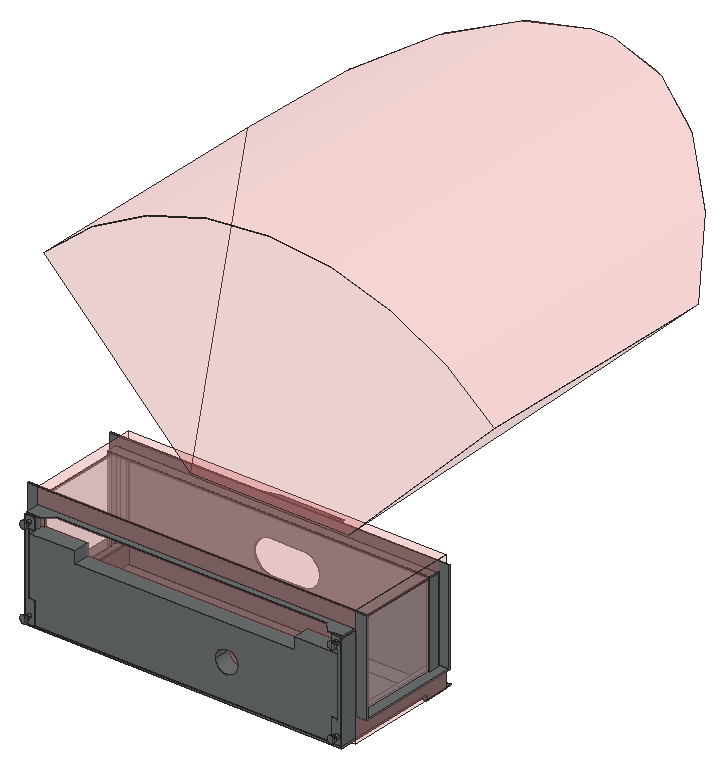
Revit family "HVAC-Fireplaces_Kalfire Fireplaces_e-one-130s-holographic-fireplace1", category Specialty Equipment, host Face, Revit 2021
Family settings
  Host = Face
  Round Connector Dimension = Use Diameter
  Part Type = Normal
  OmniClass Number = 23.19.17.00
  OmniClass Title = Fireplaces
  Cut with Voids When Loaded = No
  Shared = No
  Room Calculation Point = No
Parameters (values of type "E-one 130S Holographic Fireplace")
  Voltage = 230 V
  Void from Right side [instance] = 500 mm
  Void from Left side [instance] = 500 mm
  Version = 1  # constant formula
  Ventilation = "Ventilation must be provided at both the bottom and top of the housing."  # constant formula
  URL = "https://kalfire.com/"
  Type Comments = ""
  Product data url = "https://www.bimobject.com/kalfire-fireplaces/product/e-one-130s-holographic-fireplace"
  Product certification = "https://www.dropbox.com/scl/fi/ubgln5tkbsc4flved18tm/User-Manual-E-one-130-V09-2022-NL-FR-DE-EN.pdf?rlkey=3iwh2ldw1s9h1vrk2fgz0lbgo&dl=0"
  Product Page URL = "https://kalfire.com/e-one-130s-three-sided-holographic-fireplace"
  Product Material = Kalfire Fireplaces - Metal - Iron
  Product Documentation Link = "https://www.dropbox.com/scl/fi/ubgln5tkbsc4flved18tm/User-Manual-E-one-130-V09-2022-NL-FR-DE-EN.pdf?rlkey=3iwh2ldw1s9h1vrk2fgz0lbgo&dl=0"
  Power Factor = 0.8
  Number of Poles = 3
  Model = "E-one 130S Holographic Fireplace"  # constant formula
  Manufacturer = "Kalfire Fireplaces"  # constant formula
  Keynote = "15500"
  Installation instructions = "https://www.dropbox.com/scl/fi/4zfitlo59osefy2mz2rhh/Installation-Manual-E-one-130-NL-FR-DE-EN.pdf?rlkey=qt31vkvsf7ytloj1m889pafxo&dl=0"
  Glass Material = Kalfire Fireplaces - Glass - Glass
  Fire resistance of materials = "All materials must withstand a temperture of minimum 80 degrees."  # constant formula
  Distance from floor [instance] = 0 mm
  Description = "The Kalfire E-one 130S is an electric holographic fireplace with glass on the front, both sides and optional heating. The projection of 3D holographic flames on the handmade logs imitates true-to-life fire. Options such as the realistic glow bed, crackling sound and optional Atmos Heating ensure an optimal fire experience.\r\n\r\nA three-sided model is suitable as a see-through fireplace and takes your interior to the next level. Admire the holographic flames through the sides and be amazed by the realistic fire. At 130 cm wide, the E-one 130S is also perfectly used as a cinewall. Kalfire E-one holographic ambient fireplaces can be customised to suit personal preferences. Our exclusive and certified dealers are your helping hand in the installation and realisation of your dream design.\r\n\r\nAtmos Heating: atmosphere fire with heat\r\n\r\nThe E-one is available with an innovative heating element called Atmos Heating. This element is exclusively available for the built-in versions of the Kalfire E-one (all variants except the E-one 100F FR). The heating element provides a pleasant and continuous flow of warm air at a 45-degree angle. This heating ensures an optimal fire experience that is unique for electric fireplaces.\r\n\r\nCreate your own fire\r\n\r\nWe give you options to create your own fire. Among other things, personalise the intensity and height of the flames, shuffle through flame images, choose the sound and intensity of the glow bed. Save all these settings in the Kalfire Moods, so that from now on you can watch your own fire at the click of a button.\r\n\r\nThe height of the E-one 130S ranges from 597 to 728.4 mm, depending on whether the atmos heating system is added"  # constant formula
  Default Elevation = 1219.2 mm
  Date Updated = "-"  # constant formula
  Date Created = "2023/11/22"  # constant formula
  Consumption (incl. Atmos Heating) = 2 kW  # constant formula
  Consumption (excl. Atmos Heating) = 110 W  # constant formula
  Clearance information [instance] = "Furniture, curtains and other combustible materials must be placed at least one metre away from fireplace. Minimum of 2mm clearance around frame."  # constant formula
  Clearance [instance] = yes
  Atmos Heating [instance] = yes
  Assembly Code = "D3020.10"
  Area required = 1000.00 mm²  # constant formula
  Apparent Load [instance] = if(Atmos Heating, 2000 W, 110 W)  # 2000 W
Reference planes
  plane 1 "Center (Front/Back)": y = 0
  plane 2: z = 0
  plane 3 "Center (Left/Right)": x = 0
  plane 4: y = -316.238
  plane 5: y = -288
  plane 6: y = 253
  plane 7: y = -316.238
  plane 8: x = 655.5
  plane 9: x = -655.5
  plane 10: z = -492
  plane 11: x = -1200.062
  plane 12: x = -700.062
  plane 13: x = 700.063
  plane 14: x = 1200.063
Forms (mm)
  Sweep 1, solid, material "Kalfire Fireplaces - Metal - Iron" <- "Product Material", detail levels medium+fine
    path origin (0, 0, 0) x (0, 1, 0) y (0, 0, 1)
      loop
        line (0, 0) -> (0, -75)
    profile origin (0, 0, -37.5) x (1, 0, 0) y (0, 1, 0)
      loop
        line (-700.062, 214) -> (-700.062, 210) -> (654.024, 210) -> (654.024, 214) -> (-700.062, 214)
      loop
        line (654.024, -214) -> (654.024, -210) -> (-700.062, -210) -> (-700.062, -214) -> (654.024, -214)
  Extrusion 2, solid, material "Kalfire Fireplaces - Metal - Iron" <- "Product Material", detail levels medium+fine
    sketch origin (0, 0, 0) x (1, 0, 0) y (0, 1, 0)
      loop
        line (-655.5, -214) -> (-655.5, -279) -> (-595.5, -279) -> (-560.5, -244) -> (557.844, -244) -> (592.844, -279) -> (652.844, -279) -> (652.844, -214) -> (-655.5, -214)
    from -68.9 to -65
  Extrusion 3, solid, material "Kalfire Fireplaces - Metal - Iron" <- "Product Material", detail levels medium+fine
    sketch origin (0, 0, 0) x (1, 0, 0) y (0, 1, 0)
      loop
        line (-666, 194.503) -> (-666, 157) -> (666, 157) -> (666, 194.503) -> (-666, 194.503)
    from -31.75 to -35.75
  Extrusion 4, solid, material "Kalfire Fireplaces - Metal - Iron" <- "Product Material", detail levels medium+fine
    sketch origin (0, 0, 0) x (1, 0, 0) y (0, 0, 1)
      loop
        line (-655.5, -34.052) -> (-655.5, -491) -> (655.5, -491) -> (655.5, -34.052) -> (-655.5, -34.052)
      loop
        arc (-65, -185.6) -> (-135, -255.6) -> (-65, -325.6) r 70
        line (-65, -325.6) -> (65, -325.6)
        arc (65, -325.6) -> (135, -255.6) -> (65, -185.6) r 70
        line (65, -185.6) -> (-65, -185.6)
    from -253 to -249.416
  Extrusion 5, solid, material "Kalfire Fireplaces - Metal - Iron" <- "Product Material", detail levels medium+fine
    sketch origin (0, 0, 0) x (1, 0, 0) y (0, 0, 1)
      loop
        line (-614.5, -66.669) -> (-652.844, -66.669) -> (-652.844, -472.169) -> (-614.5, -472.169) -> (-614.5, -374.769) -> (-639.5, -374.769) -> (-639.5, -115.169) -> (-614.5, -115.169) -> (-614.5, -66.669)
      loop
        line (614.656, -67) -> (614.656, -115.5) -> (639.656, -115.5) -> (639.656, -375.1) -> (614.656, -375.1) -> (614.656, -472.5) -> (653, -472.5) -> (653, -67) -> (614.656, -67)
    from 286.5 to 288
  Extrusion 6, solid, material "Kalfire Fireplaces - Metal - Iron" <- "Product Material", detail levels medium+fine
    sketch origin (0, 0, 0) x (1, 0, 0) y (0, 0, 1)
      loop
        line (454, -186.4) -> (-454, -186.4) -> (-454, -139) -> (-639.5, -139) -> (-639.5, -472.169) -> (639.656, -472.169) -> (639.656, -139) -> (454, -139) -> (454, -186.4)
      loop
        circle (174.968, -328.104) r 46.706
    from 211.5 to 279
  Extrusion 7, solid, material "Kalfire Fireplaces - Metal - Iron" <- "Product Material", detail levels fine
    sketch origin (0, 0, 0) x (0, 1, 0) y (0, 0, 1)
      loop
        line (400.433, -120.369) -> (277.553, -49.424) -> (253, -40.488) -> (253, -89.698) -> (257.565, -92.334) -> (266.141, -140.969) -> (357.94, -193.969) -> (400.433, -120.369)
    from -149.3 to 113.3
  Revolve 8, solid, material "Kalfire Fireplaces - Metal - Iron" <- "Product Material", detail levels fine
    sketch origin (-636.547, 0, -14.843) x (0, 1, 0) y (0, 0, 1)
      loop
        line (-279, -423.939) -> (-279, -418.939) -> (-288, -418.939) -> (-288, -415.609) -> (-297.238, -415.609) -> (-297.238, -417.067) -> (-304.238, -417.067) -> (-312.672, -408.634) -> (-316.238, -408.634) -> (-316.238, -423.939) -> (-279, -423.939)
      axis (-279, -423.939) -> (-316.238, -423.939)
    angle from 0 to 360
  Revolve 9, solid, material "Kalfire Fireplaces - Metal - Iron" <- "Product Material", detail levels fine
    sketch origin (636.48, 0, -14.626) x (0, 1, 0) y (0, 0, -1)
      loop
        line (-279, 423.939) -> (-316.238, 423.939) -> (-316.238, 408.634) -> (-312.672, 408.634) -> (-304.238, 417.067) -> (-297.238, 417.067) -> (-297.238, 415.609) -> (-288, 415.609) -> (-288, 418.939) -> (-279, 418.939) -> (-279, 423.939)
      axis (-279, 423.939) -> (-316.238, 423.939)
    angle from 0 to 360
  Extrusion 10, solid, material "Kalfire Fireplaces - Glass - Glass" <- "Glass Material", detail levels medium+fine
    sketch origin (0, 0, 0) x (1, 0, 0) y (0, 1, 0)
      loop
        line (-655.5, 161.075) -> (-655.5, -210) -> (655.5, -210) -> (655.5, 161.075) -> (-655.5, 161.075)
    from -44 to -40
  Extrusion 11, solid, material "Kalfire Fireplaces - Clearance", visible <- "Clearance"
    sketch origin (0, 0, 0) x (1, 0, 0) y (0, 1, 0)
      loop
        line (-657.5, 255) -> (-657.5, -216.019) -> (657.5, -216.019) -> (657.5, 255) -> (-657.5, 255)
    from -494 to 2
  Extrusion 12, solid, material "Kalfire Fireplaces - Clearance", visible <- "Clearance"
    sketch origin (0, -35, 0) x (1, 0, 0) y (0, 0, 1)
      loop
        line (325.646, 0) -> (933.381, 607.735)
        arc (933.381, 607.735) -> (0, 994.354) -> (-933.381, 607.735) r 1320
        line (-933.381, 607.735) -> (-325.646, 0) -> (325.646, 0)
    from -1915.471 to -194.503
  Extrusion 13, void
    sketch origin (0, 0, 0) x (0, 1, 0) y (0, 0, 1)
      loop
        line (159.503, 0) -> (1880.471, 0) -> (1880.471, 993.601) -> (159.503, 0)
    from -1049.062 to 1036.992
  Extrusion 14, solid, material "Kalfire Fireplaces - Metal - Iron" <- "Product Material", detail levels coarse
    sketch origin (0, 0, 0) x (1, 0, 0) y (0, 0, 1)
      loop
        line (-656.2, -19) -> (-656.2, -490.5) -> (655.5, -490.5) -> (655.5, -19) -> (-656.2, -19)
    from -253 to 316.238
  Extrusion 15, solid, material "Kalfire Fireplaces - Metal - Iron" <- "Product Material", detail levels medium+fine
    sketch origin (-150, 0, 0) x (0, 1, 0) y (0, 0, -1)
      loop
        line (-214, 72.37) -> (-214, 389) -> (214, 389) -> (214, 35.75) -> (249.416, 35.75) -> (249.416, 489.4) -> (153.747, 489.4) -> (153.747, 472.169) -> (-288, 472.169) -> (-288, 72.37) -> (-214, 72.37)
    from 502.844 to 505.5
  Extrusion 16, solid, material "Kalfire Fireplaces - Metal - Iron" <- "Product Material", detail levels fine
    sketch origin (-150, 0, 0) x (0, 1, 0) y (0, 0, -1)
      loop
        line (280.5, 488.743) -> (280.5, 492) -> (253, 492) -> (253, 417) -> (254.5, 417) -> (254.5, 488.743) -> (280.5, 488.743)
    from 486.5 to 504
  Revolve 17, solid, material "Kalfire Fireplaces - Metal - Iron" <- "Product Material", detail levels fine
    sketch origin (-636.562, 0, 334.375) x (0, 1, 0) y (0, 0, 1)
      loop
        line (-279, -423.939) -> (-279, -418.939) -> (-288, -418.939) -> (-288, -415.609) -> (-297.238, -415.609) -> (-297.238, -417.067) -> (-304.238, -417.067) -> (-312.672, -408.634) -> (-316.238, -408.634) -> (-316.238, -423.939) -> (-279, -423.939)
      axis (-279, -423.939) -> (-316.238, -423.939)
    angle from 0 to 360
  Extrusion 18, solid, material "Kalfire Fireplaces - Metal - Iron" <- "Product Material", detail levels medium
    sketch origin (-150, 0, -15) x (1, 0, 0) y (0, 0, 1)
      loop
        circle (786.683, -74.305) r 15.305
      loop
        circle (786.683, -423.68) r 15.305
      loop
        circle (-486.562, -74.564) r 15.305
      loop
        circle (-486.562, -423.939) r 15.305
    from 279 to 316.238
  Extrusion 19, solid, material "Kalfire Fireplaces - Metal - Iron" <- "Product Material", detail levels medium+fine
    sketch origin (0, 0, -14.052) x (1, 0, 0) y (0, 1, 0)
      loop
        line (-655.5, 249.416) -> (-655.5, 214) -> (655.5, 214) -> (655.5, 249.416) -> (-655.5, 249.416)
    from -24.897 to -20
  Revolve 20, solid, material "Kalfire Fireplaces - Metal - Iron" <- "Product Material", detail levels fine
    sketch origin (636.563, 0, 334.375) x (0, 1, 0) y (0, 0, -1)
      loop
        line (-279, 423.939) -> (-316.238, 423.939) -> (-316.238, 408.634) -> (-312.672, 408.634) -> (-304.238, 417.067) -> (-297.238, 417.067) -> (-297.238, 415.609) -> (-288, 415.609) -> (-288, 418.939) -> (-279, 418.939) -> (-279, 423.939)
      axis (-279, 423.939) -> (-316.238, 423.939)
    angle from 0 to 360
  Extrusion 21, solid, material "Kalfire Fireplaces - Metal - Iron" <- "Product Material", detail levels medium+fine
    sketch origin (0, 0, -14.9) x (0, 1, 0) y (0, 0, 1)
      loop
        line (-288, -461) -> (152, -461) -> (152, -477.1) -> (253, -477.1) -> (253, -474.5) -> (153.747, -474.5) -> (153.747, -457.269) -> (-288, -457.269) -> (-288, -461)
    from -656.2 to 655.5
  Extrusion 22, solid, material "Kalfire Fireplaces - Metal - Iron" <- "Product Material", detail levels fine
    sketch origin (150, 0, 0) x (0, 1, 0) y (0, 0, 1)
      loop
        line (280.5, -488.743) -> (254.5, -488.743) -> (254.5, -417) -> (253, -417) -> (253, -492) -> (280.5, -492) -> (280.5, -488.743)
    from 486.5 to 504
  Extrusion 23, solid, material "Kalfire Fireplaces - Metal - Iron" <- "Product Material", detail levels medium+fine
    sketch origin (0, 0, 0) x (0, 1, 0) y (0, 0, 1)
      loop
        line (157, -36.4) -> (157, -383.021) -> (194.391, -383.021) -> (194.391, -36.4) -> (157, -36.4)
    from -666 to -660.2
  Extrusion 24, solid, material "Kalfire Fireplaces - Metal - Iron" <- "Product Material", detail levels medium+fine
    sketch origin (0, 0, 0) x (0, 1, 0) y (0, 0, 1)
      loop
        line (-210, -385) -> (-210, 0) -> (-214, 0) -> (-214, -389) -> (214, -389) -> (214, 0) -> (210, 0) -> (210, -385) -> (-210, -385)
    from -700.062 to -631.661
  Extrusion 25, solid, material "Kalfire Fireplaces - Glass - Glass" <- "Glass Material", detail levels medium+fine
    sketch origin (0, 0, 0) x (0, 1, 0) y (0, 0, 1)
      loop
        line (157, -45.17) -> (-210, -45.17) -> (-210, -385) -> (157, -385) -> (157, -45.17)
    from -660.2 to -652.844
  Extrusion 26, void
    sketch origin (0, 0, 0) x (0, 1, 0) y (0, 0, 1)
      loop
        line (216, 0) -> (-216.019, 0) -> (-216.019, -391) -> (216, -391) -> (216, 0)
    from -1200.063 to 1200.063
  Extrusion 27, void
    sketch origin (0, 0, 0) x (0, 1, 0) y (0, 0, 1)
      loop
        line (-216.019, -65) -> (-316.238, -65) -> (-316.238, -490.5) -> (-216.019, -490.5) -> (-216.019, -65)
      loop
        line (403.072, -31.75) -> (215.661, -31.75) -> (215.661, -490.5) -> (403.072, -490.5) -> (403.072, -31.75)
    from -655.5 to 655.5
  Extrusion 28, solid, material "Kalfire Fireplaces - Metal - Iron" <- "Product Material", detail levels medium+fine
    sketch origin (150, 0, 0) x (0, 1, 0) y (0, 0, 1)
      loop
        line (-214, -72.37) -> (-288, -72.37) -> (-288, -472.169) -> (153.747, -472.169) -> (153.747, -489.4) -> (249.416, -489.4) -> (249.416, -35.75) -> (214, -35.75) -> (214, -389) -> (-214, -389) -> (-214, -72.37)
    from 502.844 to 505.5
  Extrusion 29, solid, material "Kalfire Fireplaces - Metal - Iron" <- "Product Material", detail levels medium+fine
    sketch origin (0, 0, 0) x (0, 1, 0) y (0, 0, -1)
      loop
        line (157, 36.4) -> (194.391, 36.4) -> (194.391, 383.021) -> (157, 383.021) -> (157, 36.4)
    from -666 to -660.2
  Extrusion 30, solid, material "Kalfire Fireplaces - Metal - Iron" <- "Product Material", detail levels medium+fine
    sketch origin (0, 0, 0) x (0, 1, 0) y (0, 0, -1)
      loop
        line (-210, 385) -> (210, 385) -> (210, 0) -> (214, 0) -> (214, 389) -> (-214, 389) -> (-214, 0) -> (-210, 0) -> (-210, 385)
    from -700.062 to -631.661
  Extrusion 31, solid, material "Kalfire Fireplaces - Glass - Glass" <- "Glass Material", detail levels medium+fine
    sketch origin (0, 0, 0) x (0, 1, 0) y (0, 0, -1)
      loop
        line (157, 45.17) -> (157, 385) -> (-210, 385) -> (-210, 45.17) -> (157, 45.17)
    from -660.2 to -652.844
  Extrusion 32, solid, material "Kalfire Fireplaces - Metal - Iron" <- "Product Material", detail levels medium+fine
    sketch origin (0, 0, 0) x (1, 0, 0) y (0, 1, 0)
      loop
        line (-660.119, 190.441) -> (-659.025, 190.441) -> (-659.025, 210) -> (-660.119, 210) -> (-660.119, 190.441)
    from -389 to -38.228
  Extrusion 33, solid, material "Kalfire Fireplaces - Metal - Iron" <- "Product Material", detail levels medium+fine
    sketch origin (0, 0, 0) x (-1, 0, 0) y (0, -1, 0)
      loop
        line (-660.119, -190.441) -> (-660.119, -210) -> (-659.025, -210) -> (-659.025, -190.441) -> (-660.119, -190.441)
    from -389 to -38.228
Cuts and joins
  joined: Revolve 8, Revolve 9
  Extrusion 13 cuts Extrusion 12
  joined: Sweep 1, Extrusion 2, Extrusion 4, Extrusion 15, Extrusion 19, Extrusion 24, Extrusion 28, Extrusion 30, Extrusion 32, Extrusion 33
Lines and regions (mm)
  Masking region 1, detail levels medium+fine
    outline origin (0, 0, 0) x (1, 0, 0) y (0, 0, 1)
      loop
        line (-655.5, -492) -> (655.5, -492) -> (655.5, -389) -> (700.062, -389) -> (700.063, 0) -> (-700.062, 0) -> (-700.062, -389) -> (-655.5, -389) -> (-655.5, -492)
  Masking region 2, detail levels coarse
    outline origin (0, 0, 0) x (1, 0, 0) y (0, 0, 1)
      loop
        line (700.063, 0) -> (-700.062, 0) -> (-700.062, -492) -> (700.063, -492) -> (700.063, 0)
  Masking region 3, detail levels medium+fine
    outline origin (0, 0, 0) x (1, 0, 0) y (0, 1, 0)
      loop
        line (-655.5, 253) -> (-655.5, 214) -> (-700.062, 214) -> (-700.062, -214) -> (-656.2, -214) -> (-656.2, -288) -> (656.2, -288) -> (656.2, -214) -> (700.063, -214) -> (700.063, 214) -> (655.5, 214) -> (655.5, 253) -> (-655.5, 253)
  Masking region 4, detail levels fine
    outline origin (0, 0, 0) x (1, 0, 0) y (0, 1, 0)
      loop
        line (-149.1, 400.433) -> (-149.1, 253) -> (113.5, 253) -> (113.5, 400.433) -> (-149.1, 400.433)
      loop
        line (-654, 280.5) -> (-654, 253) -> (-636.577, 253) -> (-636.577, 280.5) -> (-654, 280.5)
      loop
        line (-651.868, -316.238) -> (-621.257, -316.238) -> (-621.257, -312.672) -> (-629.691, -304.238) -> (-629.691, -297.238) -> (-628.232, -297.238) -> (-628.232, -288) -> (-644.893, -288) -> (-644.893, -297.238) -> (-643.434, -297.238) -> (-643.434, -304.238) -> (-651.868, -312.672) -> (-651.868, -316.238)
      loop
        line (636.5, 280.5) -> (636.5, 253) -> (653.816, 253) -> (653.816, 280.5) -> (636.5, 280.5)
      loop
        line (651.868, -316.238) -> (651.868, -312.672) -> (643.434, -304.238) -> (643.434, -297.238) -> (644.893, -297.238) -> (644.893, -288) -> (628.232, -288) -> (628.232, -297.238) -> (629.691, -297.238) -> (629.691, -304.238) -> (621.257, -312.672) -> (621.257, -316.238) -> (651.868, -316.238)
  Masking region 5, detail levels coarse
    outline origin (0, 0, 0) x (1, 0, 0) y (0, 1, 0)
      loop
        line (-700.062, 253) -> (-700.062, -316.238) -> (700.063, -316.238) -> (700.063, 253) -> (-700.062, 253)
  Masking region 6, detail levels medium+fine
    outline origin (0, 0, 0) x (0, 1, 0) y (0, 0, 1)
      loop
        line (214, 0) -> (-214, 0) -> (-214, -65) -> (-279, -65) -> (-279, -68.936) -> (-288, -68.936) -> (-288, -475.857) -> (152, -475.857) -> (152, -492) -> (253, -492) -> (253, -33.976) -> (214, -33.976) -> (214, 0)
  Masking region 7, detail levels fine
    outline origin (0, 0, 0) x (0, 1, 0) y (0, 0, 1)
      loop
        line (357.94, -193.969) -> (400.433, -120.369) -> (277.553, -49.424) -> (253, -40.488) -> (253, -89.698) -> (257.565, -92.334) -> (266.141, -140.969) -> (357.94, -193.969)
      loop
        line (-316.238, -74) -> (-316.238, -104.61) -> (-312.672, -104.61) -> (-304.238, -96.177) -> (-297.238, -96.177) -> (-297.238, -97.636) -> (-288, -97.636) -> (-288, -80.975) -> (-297.238, -80.975) -> (-297.238, -82.433) -> (-304.238, -82.433) -> (-312.672, -74) -> (-316.238, -74)
      loop
        line (-316.238, -423.26) -> (-316.238, -453.87) -> (-312.672, -453.87) -> (-304.238, -445.437) -> (-297.238, -445.437) -> (-297.238, -446.895) -> (-288, -446.895) -> (-288, -430.235) -> (-297.238, -430.235) -> (-297.238, -431.693) -> (-304.238, -431.693) -> (-312.672, -423.26) -> (-316.238, -423.26)
      loop
        line (280.5, -488.743) -> (254.5, -488.743) -> (254.5, -417) -> (253, -417) -> (253, -492) -> (280.5, -492) -> (280.5, -488.743)
  Masking region 8, detail levels medium
    outline origin (0, 0, 0) x (0, 1, 0) y (0, 0, 1)
      loop
        line (-288, -74.52) -> (-316.238, -74.52) -> (-316.238, -105.019) -> (-288, -105.019) -> (-288, -74.52)
      loop
        line (-288, -422.874) -> (-316.238, -422.874) -> (-316.238, -453.467) -> (-288, -453.467) -> (-288, -422.874)
  Masking region 9, detail levels coarse
    outline origin (0, 0, 0) x (0, 1, 0) y (0, 0, 1)
      loop
        line (253, 0) -> (-316.238, 0) -> (-316.238, -492) -> (253, -492) -> (253, 0)
  Masking region 10, detail levels fine
    outline origin (0, 0, 0) x (1, 0, 0) y (0, 0, 1)
      loop
        line (113.5, -40.488) -> (-149.1, -40.488) -> (-149.1, -193.969) -> (113.5, -193.969) -> (113.5, -40.488)
      loop
        line (654, -417) -> (636.5, -417) -> (636.5, -492) -> (654, -492) -> (654, -417)
      loop
        line (-636.5, -417) -> (-654, -417) -> (-654, -492) -> (-636.5, -492) -> (-636.5, -417)
  Masking region 11, detail levels medium
    outline origin (-150, 0, 0) x (1, 0, 0) y (0, 1, 0)
      loop
        line (-502.065, -288) -> (-502.065, -316.238) -> (-471.257, -316.238) -> (-471.257, -288) -> (-502.065, -288)
      loop
        line (771.025, -288) -> (771.025, -316.238) -> (801.868, -316.238) -> (801.868, -288) -> (771.025, -288)
  symbolic lines, style "Clearance", visible <- "Clearance"
    curve 1: arc (933.381, 0, 607.735) -> (0, 0, 994.354) -> (-933.381, 0, 607.735) r 1320
    curve 2: line (-933.381, 0, 607.735) -> (-325.646, 0, 0)
    curve 3: line (325.646, 0, 0) -> (933.381, 0, 607.735)
    curve 4: line (657.5, 0, 2) -> (-657.5, 0, 2)
    curve 5: line (-657.5, 0, 2) -> (-657.5, 0, -494)
    curve 6: line (657.5, 0, -494) -> (657.5, 0, 2)
    curve 7: line (-657.5, 0, -494) -> (657.5, 0, -494)
    curve 22: line (-44.586, 1880.471, 0) -> (-933.381, 1212.132, 0)
    curve 23: line (933.381, 1212.132, 0) -> (44.586, 1880.471, 0)
    curve 24: line (-933.381, 1212.132, 0) -> (-933.381, 159.503, 0)
    curve 25: line (-933.381, 159.503, 0) -> (933.381, 159.503, 0)
    curve 26: line (933.381, 159.503, 0) -> (933.381, 1212.132, 0)
    curve 27: line (657.5, 255, 0) -> (-657.5, 255, 0)
    curve 28: line (-657.5, -216.019, 0) -> (657.5, -216.019, 0)
    curve 30: line (0, 1880.471, 993.601) -> (0, 159.503, 0)
    curve 31: line (0, 159.503, 993.601) -> (0, 159.503, 0)
    curve 32: line (0, 1880.471, 993.601) -> (0, 159.503, 993.601)
    curve 33: line (0, 253, 2) -> (0, -216, 2)
    curve 34: line (0, -214, -479) -> (0, 253, -479)
    curve 35: line (44.586, 1880.471, 0) -> (-44.586, 1880.471, 0)
    curve 36: line (-933.381, 1212.132, 0) -> (-325.646, 159.503, 0)
    curve 37: line (933.381, 1212.132, 0) -> (324.2, 157, 0)
    curve 38: line (0, -216, 2) -> (0, -216, -479)
    curve 39: line (0, 255, -479) -> (0, 255, 2)
    curve 40: line (657.5, -216.019, 0) -> (657.5, 255, 0)
    curve 41: line (-657.5, 255, 0) -> (-657.5, -216.019, 0)
  symbolic lines, detail levels medium+fine
    curve 8: arc (65, 0, -185.6) -> (135, 0, -255.6) -> (65, 0, -325.6) r 70
    curve 9: line (65, 0, -325.6) -> (-65, 0, -325.6)
    curve 10: arc (-65, 0, -325.6) -> (-135, 0, -255.6) -> (-65, 0, -185.6) r 70
    curve 11: line (-65, 0, -185.6) -> (65, 0, -185.6)
    curve 14: line (655.5, -278.983, 0) -> (-655.5, -278.983, 0)
    curve 15: line (-560.493, -243.993, 0) -> (557.836, -243.993, 0)
    curve 16: line (557.836, -243.993, 0) -> (592.827, -278.983, 0)
    curve 17: line (-560.493, -243.993, 0) -> (-595.483, -278.983, 0)
    curve 18: line (-665, 194.503, 0) -> (665, 194.503, 0)
    curve 19: line (-665, 157, 0) -> (665, 157, 0)
    curve 29: line (0, -214, -55) -> (0, -214, -49.9)
    curve 42: line (-700.062, 214, 0) -> (655.5, 214, 0)
    curve 43: line (657.5, -214, 0) -> (-655.5, -214, 0)
    curve 44: line (-700.062, -210, 0) -> (700.063, -210, 0)
    curve 45: line (700.063, 210, 0) -> (-700.062, 210, 0)
    curve 46: line (-665, 194.503, 0) -> (-665, 157, 0)
    curve 47: line (-660.2, 157, 0) -> (-660.2, -210, 0)
    curve 48: line (-656.2, -288, 0) -> (655.5, -288, 0)
    curve 49: line (-656.2, 194.503, 0) -> (-656.2, 210, 0)
    curve 50: line (-655.5, 0, -34.052) -> (-655.5, 0, -385)
    curve 51: line (-655.5, 0, -34.052) -> (657.5, 0, -34.052)
    curve 52: line (0, 210, 0) -> (0, 210, -385)
    curve 53: line (0, 214, -389) -> (0, 214, 0)
    curve 54: line (0, -214, -389) -> (0, 214, -389)
    curve 55: line (0, 210, -385) -> (0, -210, -385)
    curve 56: line (0, -214, 0) -> (0, -214, -389)
    curve 57: line (0, -210, 0) -> (0, -210, -385)
    curve 58: line (0, 194.503, -31.75) -> (0, 157, -31.75)
    curve 59: line (0, 194.503, -383.021) -> (0, 194.503, -31.75)
    curve 60: line (0, 157, -383.021) -> (0, 194.503, -383.021)
    curve 61: line (0, 157, -31.75) -> (0, 157, -383.021)
    curve 62: line (0, 157, -40.229) -> (0, -210, -40.229)
    curve 63: line (0, 157, -43.876) -> (0, 157, -40.229)
    curve 64: line (0, -210, -40.229) -> (0, -210, -43.876)
    curve 65: line (0, 194.503, -75.229) -> (0, 210, -75.229)
    curve 66: line (665, 194.503, 0) -> (665, 157, 0)
    curve 67: line (660.2, 157, 0) -> (660.2, -210, 0)
    curve 68: line (656.2, 194.503, 0) -> (656.2, 210, 0)
    curve 69: line (655.5, 0, -34.052) -> (655.5, 0, -389)
  symbolic lines, detail levels fine
    curve 12: line (113.5, 0, -120.369) -> (-149.1, 0, -120.369)
    curve 13: line (113.5, 0, -49.424) -> (-149.1, 0, -49.424)
    curve 20: line (-149.1, 357.94, 0) -> (113.5, 357.94, 0)
    curve 21: line (113.5, 277.553, 0) -> (-149.1, 277.553, 0)
Dimensions and locks
  "Distance from floor": plane 4 to plane 7
  "Void from Left side": plane 11 to plane 12
  "Void from Right side": plane 13 to plane 14
  aligned and locked: plane 2 to host face
  aligned and locked: level to host face
  aligned and locked: plane 11 to Extrusion 26
  aligned and locked: Extrusion 26 to plane 14
Automatic sketch dimensions
  curve 42 to plane 12 = 0 mm
  curve 45 to plane 12 = 0 mm
  curve 44 to plane 12 = 0 mm
  curve 48 to plane 5 = 0 mm
  curve 43 to plane 9 = 0 mm
  curve 14 to plane 9 = 0 mm
  curve 14 to plane 8 = 0 mm
  curve 48 to plane 8 = 0 mm
  curve 42 to plane 8 = 0 mm
  curve 44 to plane 13 = 0 mm
  curve 45 to plane 13 = 0 mm
  plane 12 to curve 24 = 233.318 mm
  curve 46 to plane 9 = 9.5 mm
  curve 41 to plane 9 = 2 mm
  curve 15 to plane 5 = 44.007 mm
  plane 9 to curve 15 = 95.007 mm
  curve 22 to plane 3 "Center (Left/Right)" = 44.586 mm
  plane 3 "Center (Left/Right)" to curve 23 = 44.586 mm
  curve 16 to plane 8 = 97.664 mm
  plane 8 to curve 40 = 2 mm
  plane 8 to curve 66 = 9.5 mm
  curve 26 to plane 6 = 93.497 mm
  curve 26 to plane 13 = 233.318 mm
  curve 28 to plane 5 = 71.981 mm
  curve 66 to plane 6 = 96 mm
  curve 19 to curve 18 = 37.503 mm
  plane 6 to curve 41 = 2 mm
  plane 6 to curve 37 = 959.132 mm
  plane 6 to curve 22 = 959.132 mm
  curve 23 to curve 23 = 668.339 mm
  curve 47 to plane 9 = 4.7 mm
  curve 49 to plane 9 = 0.7 mm
  curve 48 to plane 9 = 0.7 mm
  curve 17 to plane 5 = 9.017 mm
  curve 17 to curve 15 = 34.991 mm
  curve 36 to plane 3 "Center (Left/Right)" = 325.646 mm
  plane 6 to curve 21 = 24.553 mm
  curve 21 to plane 3 "Center (Left/Right)" = 149.1 mm
  curve 20 to curve 21 = 0 mm
  plane 3 "Center (Left/Right)" to curve 20 = 113.5 mm
  curve 21 to curve 20 = 0 mm
  curve 21 to curve 37 = 210.7 mm
  curve 15 to curve 16 = 34.991 mm
  plane 8 to curve 68 = 0.7 mm
  plane 8 to curve 67 = 4.7 mm
  curve 28 to curve 43 = 2.019 mm
  curve 43 to curve 67 = 4 mm
  curve 18 to curve 45 = 15.497 mm
  curve 45 to curve 42 = 4 mm
  curve 21 to curve 20 = 80.387 mm
  curve 56 to level = 0 mm
  curve 57 to level = 0 mm
  curve 31 to level = 0 mm
  curve 52 to level = 0 mm
  curve 53 to level = 0 mm
  curve 33 to plane 6 = 0 mm
  curve 34 to plane 6 = 0 mm
  curve 54 to plane 6 = 39 mm
  curve 55 to curve 53 = 4 mm
  curve 59 to curve 52 = 15.497 mm
  curve 30 to curve 58 = 35 mm
  curve 61 to curve 30 = 2.503 mm
  curve 63 to curve 58 = 0 mm
  curve 62 to plane 5 = 78 mm
  curve 55 to plane 5 = 78 mm
  curve 54 to curve 55 = 4 mm  (x2)
  curve 38 to curve 56 = 2 mm
  plane 6 to curve 30 = 1627.471 mm
  curve 58 to level = 31.75 mm
  curve 64 to curve 57 = 40.229 mm
  plane 10 to curve 59 = 108.979 mm
  curve 55 to curve 59 = 1.979 mm
  level to curve 38 = 2 mm
  curve 30 to curve 32 = 993.601 mm
  curve 29 to curve 64 = 4 mm
  curve 38 to curve 34 = 2 mm
  curve 33 to curve 39 = 2 mm
  curve 64 to curve 62 = 3.648 mm
  curve 63 to curve 62 = 3.648 mm
  curve 29 to curve 64 = 6.024 mm
  curve 29 to curve 29 = 5.1 mm
  curve 65 to curve 58 = 43.479 mm
  plane 10 to curve 39 = 13 mm
  plane 10 to curve 38 = 13 mm
  curve 38 to curve 34 = 0 mm
  level to curve 39 = 2 mm
  curve 50 to plane 9 = 0 mm
  curve 2 to level = 0 mm
  curve 1 to plane 3 "Center (Left/Right)" = 0 mm
  curve 3 to level = 0 mm
  curve 69 to plane 8 = 0 mm
  curve 5 to plane 9 = 2 mm
  plane 12 to curve 2 = 233.318 mm
  curve 11 to plane 3 "Center (Left/Right)" = 65 mm
  plane 3 "Center (Left/Right)" to curve 8 = 65 mm
  plane 8 to curve 7 = 2 mm
  curve 3 to plane 13 = 233.318 mm
  curve 50 to level = 34.052 mm
  curve 11 to level = 185.6 mm
  curve 8 to curve 8 = 70 mm
  curve 1 to curve 10 = 0.046 mm
  curve 7 to plane 10 = 2 mm
  level to curve 5 = 2 mm
  level to curve 2 = 607.735 mm
  curve 2 to curve 10 = 260.646 mm
  curve 13 to level = 49.424 mm
  curve 13 to plane 3 "Center (Left/Right)" = 149.1 mm
  curve 13 to curve 12 = 0 mm  (x2)
  curve 11 to curve 12 = 48.5 mm
  curve 13 to curve 3 = 212.146 mm
  curve 69 to curve 51 = 0 mm
  curve 12 to curve 13 = 70.945 mm
  plane 10 to curve 50 = 107 mm
  plane 10 to curve 69 = 103 mm
  host sketch curve to host sketch curve = 2682.961 mm
  host sketch curve to host sketch curve = 944.648 mm
  Sweep 1 sketch curve to plane 1 "Center (Front/Back)" = 0 mm
  Sweep 1 sketch curve to level = 0 mm
  Sweep 1 sketch curve to level = 75 mm
  Sweep 1 sketch curve to profile plane = 214 mm
  Sweep 1 sketch curve to plane 3 "Center (Left/Right)" = 700.062 mm
  profile plane to Sweep 1 sketch curve = 210 mm
  Sweep 1 sketch curve to Sweep 1 sketch curve = 0 mm  (x2)
  Sweep 1 sketch curve to profile plane = 210 mm
  plane 3 "Center (Left/Right)" to Sweep 1 sketch curve = 654.024 mm
  Sweep 1 sketch curve to Sweep 1 sketch curve = 4 mm
  Extrusion 2 sketch curve to plane 9 = 0 mm
  Extrusion 2 sketch curve to plane 5 = 9 mm  (x2)
  Extrusion 2 sketch curve to Extrusion 2 sketch curve = 60 mm
  Extrusion 2 sketch curve to plane 5 = 44 mm
  Extrusion 2 sketch curve to Extrusion 2 sketch curve = 35 mm  (x2)
  Extrusion 2 sketch curve to plane 8 = 97.656 mm
  Extrusion 2 sketch curve to plane 8 = 2.656 mm
  Extrusion 2 sketch curve to Extrusion 2 sketch curve = 65 mm
  Extrusion 3 sketch curve to plane 9 = 10.5 mm
  plane 8 to Extrusion 3 sketch curve = 10.5 mm
  Extrusion 3 sketch curve to plane 6 = 96 mm
  Extrusion 3 sketch curve to Extrusion 3 sketch curve = 37.503 mm
  Extrusion 4 sketch curve to plane 9 = 0 mm
  Extrusion 4 sketch curve to plane 8 = 0 mm
  Extrusion 4 sketch curve to plane 3 "Center (Left/Right)" = 65 mm
  plane 3 "Center (Left/Right)" to Extrusion 4 sketch curve = 65 mm
  plane 10 to Extrusion 4 sketch curve = 1 mm
  plane 10 to Extrusion 4 sketch curve = 166.4 mm
  Extrusion 4 sketch curve to Extrusion 4 sketch curve = 70 mm
  Extrusion 4 sketch curve to level = 34.052 mm
  plane 9 to Extrusion 5 sketch curve = 2.656 mm
  plane 9 to Extrusion 5 sketch curve = 16 mm
  Extrusion 5 sketch curve to Extrusion 5 sketch curve = 38.344 mm  (x2)
  Extrusion 5 sketch curve to plane 8 = 40.844 mm  (x2)
  Extrusion 5 sketch curve to plane 8 = 15.844 mm
  Extrusion 5 sketch curve to plane 8 = 2.5 mm
  plane 10 to Extrusion 5 sketch curve = 19.5 mm
  plane 10 to Extrusion 5 sketch curve = 19.831 mm
  Extrusion 5 sketch curve to Extrusion 5 sketch curve = 97.4 mm  (x2)
  Extrusion 5 sketch curve to level = 115.5 mm
  Extrusion 5 sketch curve to level = 115.169 mm
  Extrusion 5 sketch curve to Extrusion 5 sketch curve = 48.5 mm  (x2)
  plane 9 to Extrusion 6 sketch curve = 16 mm
  Extrusion 6 sketch curve to Extrusion 6 sketch curve = 185.5 mm
  plane 3 "Center (Left/Right)" to Extrusion 6 sketch curve = 174.968 mm
  Extrusion 6 sketch curve to plane 8 = 201.5 mm
  Extrusion 6 sketch curve to plane 8 = 15.844 mm
  plane 10 to Extrusion 6 sketch curve = 19.831 mm
  plane 10 to Extrusion 6 sketch curve = 163.896 mm
  Extrusion 6 sketch curve to level = 186.4 mm
  Extrusion 6 sketch curve to Extrusion 6 sketch curve = 47.4 mm  (x2)
  Extrusion 7 sketch curve to plane 6 = 0 mm
  plane 6 to Extrusion 7 sketch curve = 4.565 mm
  plane 6 to Extrusion 7 sketch curve = 13.141 mm
  plane 6 to Extrusion 7 sketch curve = 24.553 mm
  plane 6 to Extrusion 7 sketch curve = 104.94 mm
  Extrusion 7 sketch curve to Extrusion 7 sketch curve = 42.493 mm
  Extrusion 7 sketch curve to level = 193.969 mm
  Extrusion 7 sketch curve to Extrusion 7 sketch curve = 53 mm
  Extrusion 7 sketch curve to Extrusion 7 sketch curve = 42.91 mm
  Extrusion 7 sketch curve to Extrusion 7 sketch curve = 2.636 mm
  Extrusion 7 sketch curve to Extrusion 7 sketch curve = 8.936 mm
  Revolve 8 sketch curve to plane 4 = 0 mm
  Revolve 8 sketch curve to plane 5 = 0 mm
  Revolve 8 sketch curve to Revolve 8 sketch curve = 3.567 mm
  Revolve 8 sketch curve to Revolve 8 sketch curve = 8.433 mm  (x2)
  Revolve 8 sketch curve to Revolve 8 sketch curve = 7 mm
  Revolve 8 sketch curve to plane 5 = 9 mm
  plane 10 to Revolve 8 sketch curve = 53.218 mm
  Revolve 8 sketch curve to Revolve 8 sketch curve = 5 mm
  Revolve 8 sketch curve to Revolve 8 sketch curve = 1.872 mm
  Revolve 8 sketch curve to Revolve 8 sketch curve = 1.459 mm
  Revolve 8 sketch curve to plane 4 = 16.86 mm
  Revolve 8 sketch curve to Revolve 8 sketch curve = 0 mm  (x2)
  Revolve 9 sketch curve to plane 4 = 0 mm
  Revolve 9 sketch curve to plane 5 = 0 mm
  Revolve 9 sketch curve to Revolve 9 sketch curve = 3.567 mm
  Revolve 9 sketch curve to Revolve 9 sketch curve = 8.433 mm
  Revolve 9 sketch curve to Revolve 9 sketch curve = 7 mm
  Revolve 9 sketch curve to plane 5 = 9 mm
  plane 10 to Revolve 9 sketch curve = 68.74 mm
  Revolve 9 sketch curve to Revolve 9 sketch curve = 6.975 mm
  Revolve 9 sketch curve to Revolve 9 sketch curve = 1.459 mm
  Revolve 9 sketch curve to Revolve 9 sketch curve = 3.33 mm
  Revolve 9 sketch curve to Revolve 9 sketch curve = 5 mm
  Revolve 9 sketch curve to plane 4 = 16.86 mm
  Revolve 9 sketch curve to Revolve 9 sketch curve = 0 mm  (x2)
  Extrusion 10 sketch curve to plane 9 = 0 mm
  Extrusion 10 sketch curve to plane 8 = 0 mm
  Extrusion 10 sketch curve to plane 5 = 78 mm
  Extrusion 10 sketch curve to plane 6 = 91.925 mm
  Extrusion 11 sketch curve to plane 9 = 2 mm
  plane 8 to Extrusion 11 sketch curve = 2 mm
  Extrusion 11 sketch curve to plane 5 = 71.981 mm
  plane 6 to Extrusion 11 sketch curve = 2 mm
  Extrusion 12 sketch curve to level = 0 mm
  Extrusion 12 sketch curve to plane 3 "Center (Left/Right)" = 0 mm
  Extrusion 12 sketch curve to plane 3 "Center (Left/Right)" = 325.646 mm
  plane 12 to Extrusion 12 sketch curve = 233.318 mm
  plane 3 "Center (Left/Right)" to Extrusion 12 sketch curve = 325.646 mm
  Extrusion 12 sketch curve to plane 13 = 233.318 mm
  plane 10 to Extrusion 12 sketch curve = 166.354 mm
  level to Extrusion 12 sketch curve = 607.735 mm
  Extrusion 13 sketch curve to level = 0 mm
  Extrusion 13 sketch curve to plane 6 = 93.497 mm
  plane 6 to Extrusion 13 sketch curve = 1627.471 mm
  level to Extrusion 13 sketch curve = 993.601 mm
  plane 12 to Masking region 1 sketch curve = 0 mm
  Masking region 1 sketch curve to plane 9 = 0 mm
  Masking region 1 sketch curve to plane 8 = 0 mm
  plane 13 to Masking region 1 sketch curve = 0 mm
  Masking region 1 sketch curve to plane 10 = 0 mm
  Masking region 1 sketch curve to level = 0 mm
  plane 10 to Masking region 1 sketch curve = 103 mm
  Masking region 1 sketch curve to Masking region 1 sketch curve = 103 mm
  Masking region 2 sketch curve to level = 0 mm
  plane 12 to Masking region 2 sketch curve = 0 mm
  Masking region 2 sketch curve to plane 10 = 0 mm
  plane 13 to Masking region 2 sketch curve = 0 mm
  Extrusion 14 sketch curve to plane 8 = 0 mm
  Extrusion 14 sketch curve to plane 9 = 0.7 mm
  plane 10 to Extrusion 14 sketch curve = 1.5 mm
  Extrusion 14 sketch curve to level = 19 mm
  Masking region 3 sketch curve to plane 12 = 0 mm
  Masking region 3 sketch curve to plane 5 = 0 mm
  Masking region 3 sketch curve to plane 6 = 0 mm
  Masking region 3 sketch curve to plane 9 = 0 mm
  Masking region 3 sketch curve to plane 8 = 0 mm
  Masking region 3 sketch curve to plane 13 = 0 mm
  Masking region 3 sketch curve to plane 9 = 0.7 mm
  plane 8 to Masking region 3 sketch curve = 0.7 mm
  Masking region 3 sketch curve to plane 5 = 74 mm  (x2)
  Masking region 3 sketch curve to plane 6 = 39 mm
  Masking region 3 sketch curve to Masking region 3 sketch curve = 39 mm
  Masking region 4 sketch curve to plane 6 = 0 mm  (x3)
  Masking region 4 sketch curve to plane 4 = 0 mm  (x2)
  Masking region 4 sketch curve to plane 5 = 0 mm
  plane 5 to Masking region 4 sketch curve = 0 mm
  plane 9 to Masking region 4 sketch curve = 1.5 mm
  plane 9 to Masking region 4 sketch curve = 3.632 mm
  plane 9 to Masking region 4 sketch curve = 10.607 mm
  Masking region 4 sketch curve to Masking region 4 sketch curve = 1.459 mm  (x4)
  Masking region 4 sketch curve to Masking region 4 sketch curve = 17.423 mm
  Masking region 4 sketch curve to Masking region 4 sketch curve = 13.744 mm
  Masking region 4 sketch curve to Masking region 4 sketch curve = 8.433 mm  (x5)
  Masking region 4 sketch curve to plane 3 "Center (Left/Right)" = 149.1 mm
  plane 3 "Center (Left/Right)" to Masking region 4 sketch curve = 113.5 mm
  plane 4 to Masking region 4 sketch curve = 3.567 mm  (x3)
  Masking region 4 sketch curve to plane 8 = 34.243 mm
  Masking region 4 sketch curve to Masking region 4 sketch curve = 6.975 mm
  Masking region 4 sketch curve to plane 8 = 19 mm
  Masking region 4 sketch curve to plane 8 = 12.066 mm
  Masking region 4 sketch curve to plane 8 = 3.632 mm
  Masking region 4 sketch curve to plane 8 = 1.684 mm
  Masking region 4 sketch curve to Masking region 4 sketch curve = 3.567 mm
  Masking region 4 sketch curve to Masking region 4 sketch curve = 7 mm  (x4)
  plane 6 to Masking region 4 sketch curve = 27.5 mm
  Masking region 4 sketch curve to Masking region 4 sketch curve = 27.5 mm
  plane 6 to Masking region 4 sketch curve = 147.433 mm
  Masking region 5 sketch curve to plane 4 = 0 mm
  Masking region 5 sketch curve to plane 12 = 0 mm
  Masking region 5 sketch curve to plane 13 = 0 mm
  Masking region 5 sketch curve to plane 6 = 0 mm
  Masking region 6 sketch curve to plane 5 = 0 mm
  Masking region 6 sketch curve to level = 0 mm
  Masking region 6 sketch curve to plane 10 = 0 mm
  Masking region 6 sketch curve to plane 6 = 0 mm
  Masking region 6 sketch curve to plane 5 = 9 mm
  Masking region 6 sketch curve to Masking region 6 sketch curve = 65 mm
  plane 10 to Masking region 6 sketch curve = 16.143 mm
  Masking region 6 sketch curve to plane 6 = 101 mm
  Masking region 6 sketch curve to Masking region 6 sketch curve = 39 mm
  Masking region 6 sketch curve to level = 68.936 mm
  Masking region 6 sketch curve to Masking region 6 sketch curve = 3.936 mm
  Masking region 6 sketch curve to level = 33.976 mm
  Masking region 7 sketch curve to plane 4 = 0 mm  (x2)
  Masking region 7 sketch curve to plane 5 = 0 mm  (x2)
  Masking region 7 sketch curve to plane 6 = 0 mm  (x2)
  Masking region 7 sketch curve to plane 10 = 0 mm
  plane 4 to Masking region 7 sketch curve = 3.567 mm  (x4)
  Masking region 7 sketch curve to Masking region 7 sketch curve = 8.433 mm  (x6)
  Masking region 7 sketch curve to Masking region 7 sketch curve = 7 mm  (x4)
  plane 6 to Masking region 7 sketch curve = 1.5 mm
  plane 6 to Masking region 7 sketch curve = 4.565 mm
  plane 6 to Masking region 7 sketch curve = 13.141 mm
  plane 6 to Masking region 7 sketch curve = 24.553 mm
  Masking region 7 sketch curve to Masking region 7 sketch curve = 26 mm
  plane 6 to Masking region 7 sketch curve = 104.94 mm
  Masking region 7 sketch curve to Masking region 7 sketch curve = 42.493 mm
  Masking region 7 sketch curve to Masking region 7 sketch curve = 3.257 mm
  plane 10 to Masking region 7 sketch curve = 38.13 mm
  Masking region 7 sketch curve to Masking region 7 sketch curve = 6.975 mm  (x2)
  Masking region 7 sketch curve to Masking region 7 sketch curve = 1.459 mm  (x4)
  Masking region 7 sketch curve to Masking region 7 sketch curve = 13.744 mm  (x2)
  Masking region 7 sketch curve to Masking region 7 sketch curve = 71.743 mm
  Masking region 7 sketch curve to level = 193.969 mm
  Masking region 7 sketch curve to Masking region 7 sketch curve = 53 mm
  Masking region 7 sketch curve to level = 104.61 mm
  Masking region 7 sketch curve to Masking region 7 sketch curve = 42.91 mm
  Masking region 7 sketch curve to Masking region 7 sketch curve = 2.636 mm
  Masking region 7 sketch curve to Masking region 7 sketch curve = 8.936 mm
  Masking region 8 sketch curve to plane 4 = 0 mm  (x2)
  Masking region 8 sketch curve to plane 5 = 0 mm  (x2)
  plane 10 to Masking region 8 sketch curve = 38.533 mm
  Masking region 8 sketch curve to Masking region 8 sketch curve = 30.593 mm
  Masking region 8 sketch curve to level = 105.019 mm
  Masking region 8 sketch curve to Masking region 8 sketch curve = 30.499 mm
  Masking region 9 sketch curve to level = 0 mm
  Masking region 9 sketch curve to plane 4 = 0 mm
  Masking region 9 sketch curve to plane 6 = 0 mm
  Masking region 9 sketch curve to plane 10 = 0 mm
  Masking region 10 sketch curve to plane 10 = 0 mm  (x2)
  plane 9 to Masking region 10 sketch curve = 1.5 mm
  Masking region 10 sketch curve to Masking region 10 sketch curve = 17.5 mm
  Masking region 10 sketch curve to plane 3 "Center (Left/Right)" = 149.1 mm
  Masking region 10 sketch curve to level = 40.488 mm
  plane 3 "Center (Left/Right)" to Masking region 10 sketch curve = 113.5 mm
  Masking region 10 sketch curve to plane 8 = 19 mm
  Masking region 10 sketch curve to plane 8 = 1.5 mm
  Masking region 10 sketch curve to Masking region 10 sketch curve = 75 mm  (x2)
  Masking region 10 sketch curve to Masking region 10 sketch curve = 153.481 mm
  Extrusion 15 sketch curve to plane 5 = 0 mm
  Extrusion 15 sketch curve to plane 5 = 74 mm
  plane 10 to Extrusion 15 sketch curve = 19.831 mm
  Extrusion 15 sketch curve to plane 6 = 99.253 mm
  Extrusion 15 sketch curve to plane 6 = 39 mm
  Extrusion 15 sketch curve to plane 6 = 3.584 mm
  Extrusion 15 sketch curve to Extrusion 15 sketch curve = 83.169 mm
  Extrusion 15 sketch curve to level = 72.37 mm
  Extrusion 15 sketch curve to level = 35.75 mm
  plane 10 to Extrusion 15 sketch curve = 2.6 mm
  Extrusion 16 sketch curve to plane 6 = 0 mm
  Extrusion 16 sketch curve to plane 10 = 0 mm
  plane 6 to Extrusion 16 sketch curve = 1.5 mm
  plane 10 to Extrusion 16 sketch curve = 3.257 mm
  Extrusion 16 sketch curve to Extrusion 16 sketch curve = 26 mm
  Extrusion 16 sketch curve to Extrusion 16 sketch curve = 71.743 mm
  Revolve 17 sketch curve to plane 4 = 0 mm
  Revolve 17 sketch curve to plane 5 = 0 mm
  plane 4 to Revolve 17 sketch curve = 3.567 mm
  Revolve 17 sketch curve to Revolve 17 sketch curve = 8.433 mm  (x2)
  Revolve 17 sketch curve to Revolve 17 sketch curve = 7 mm
  Revolve 17 sketch curve to plane 5 = 9 mm
  Revolve 17 sketch curve to level = 89.564 mm
  Revolve 17 sketch curve to Revolve 17 sketch curve = 5 mm
  Revolve 17 sketch curve to Revolve 17 sketch curve = 1.872 mm
  Revolve 17 sketch curve to Revolve 17 sketch curve = 1.459 mm
  Revolve 17 sketch curve to Revolve 17 sketch curve = 16.86 mm
  Revolve 17 sketch curve to Revolve 17 sketch curve = 0 mm  (x2)
  Extrusion 18 sketch curve to Extrusion 18 sketch curve = 0 mm  (x8)
  plane 9 to Extrusion 18 sketch curve = 18.937 mm  (x2)
  Extrusion 18 sketch curve to plane 8 = 18.817 mm  (x2)
  plane 10 to Extrusion 18 sketch curve = 53.061 mm
  plane 10 to Extrusion 18 sketch curve = 53.32 mm
  Extrusion 18 sketch curve to level = 89.564 mm
  Extrusion 18 sketch curve to level = 89.305 mm
  Extrusion 18 sketch curve to Extrusion 18 sketch curve = 15.305 mm  (x4)
  Masking region 11 sketch curve to plane 4 = 0 mm  (x2)
  Masking region 11 sketch curve to plane 5 = 0 mm
  plane 5 to Masking region 11 sketch curve = 0 mm
  plane 9 to Masking region 11 sketch curve = 3.435 mm
  Masking region 11 sketch curve to Masking region 11 sketch curve = 30.808 mm
  Masking region 11 sketch curve to plane 8 = 34.475 mm
  Masking region 11 sketch curve to plane 8 = 3.632 mm
  Extrusion 19 sketch curve to plane 9 = 0 mm
  Extrusion 19 sketch curve to plane 8 = 0 mm
  Extrusion 19 sketch curve to plane 6 = 39 mm
  Extrusion 19 sketch curve to plane 6 = 3.584 mm
  Revolve 20 sketch curve to plane 4 = 0 mm
  Revolve 20 sketch curve to plane 5 = 0 mm
  Revolve 20 sketch curve to Revolve 20 sketch curve = 3.567 mm
  Revolve 20 sketch curve to Revolve 20 sketch curve = 8.433 mm
  Revolve 20 sketch curve to Revolve 20 sketch curve = 7 mm
  Revolve 20 sketch curve to plane 5 = 9 mm
  Revolve 20 sketch curve to level = 74.259 mm
  Revolve 20 sketch curve to Revolve 20 sketch curve = 6.975 mm
  Revolve 20 sketch curve to Revolve 20 sketch curve = 1.459 mm
  Revolve 20 sketch curve to Revolve 20 sketch curve = 3.33 mm
  Revolve 20 sketch curve to Revolve 20 sketch curve = 5 mm
  Revolve 20 sketch curve to plane 4 = 16.86 mm
  Revolve 20 sketch curve to Revolve 20 sketch curve = 0 mm  (x2)
  Extrusion 21 sketch curve to plane 5 = 0 mm
  Extrusion 21 sketch curve to plane 10 = 0 mm
  Extrusion 21 sketch curve to plane 6 = 0 mm
  plane 10 to Extrusion 21 sketch curve = 16.1 mm
  Extrusion 21 sketch curve to plane 6 = 101 mm
  Extrusion 21 sketch curve to Extrusion 21 sketch curve = 1.747 mm
  Extrusion 21 sketch curve to Extrusion 21 sketch curve = 2.6 mm
  Extrusion 21 sketch curve to Extrusion 21 sketch curve = 3.731 mm
  Extrusion 22 sketch curve to plane 6 = 0 mm
  Extrusion 22 sketch curve to plane 10 = 0 mm
  plane 6 to Extrusion 22 sketch curve = 1.5 mm
  plane 10 to Extrusion 22 sketch curve = 3.257 mm
  Extrusion 22 sketch curve to Extrusion 22 sketch curve = 26 mm
  Extrusion 22 sketch curve to Extrusion 22 sketch curve = 71.743 mm
  Extrusion 23 sketch curve to plane 6 = 96 mm
  Extrusion 23 sketch curve to Extrusion 23 sketch curve = 37.391 mm
  plane 10 to Extrusion 23 sketch curve = 108.979 mm
  Extrusion 23 sketch curve to level = 36.4 mm
  Extrusion 24 sketch curve to level = 0 mm  (x2)
  Extrusion 24 sketch curve to plane 5 = 74 mm
  Extrusion 24 sketch curve to Extrusion 24 sketch curve = 4 mm  (x3)
  Extrusion 24 sketch curve to plane 6 = 43 mm
  plane 10 to Extrusion 24 sketch curve = 107 mm
  Extrusion 25 sketch curve to plane 5 = 78 mm
  Extrusion 25 sketch curve to plane 6 = 96 mm
  plane 10 to Extrusion 25 sketch curve = 107 mm
  Extrusion 25 sketch curve to level = 45.17 mm
  Extrusion 26 sketch curve to level = 0 mm
  Extrusion 26 sketch curve to plane 5 = 71.981 mm
  Extrusion 26 sketch curve to plane 6 = 37 mm
  plane 10 to Extrusion 26 sketch curve = 101 mm
  Extrusion 27 sketch curve to plane 4 = 0 mm
  plane 10 to Extrusion 27 sketch curve = 1.5 mm  (x2)
  Extrusion 27 sketch curve to plane 5 = 71.981 mm
  Extrusion 27 sketch curve to plane 6 = 37.339 mm
  plane 6 to Extrusion 27 sketch curve = 150.072 mm
  Extrusion 27 sketch curve to level = 65 mm
  Extrusion 27 sketch curve to level = 31.75 mm
  Extrusion 28 sketch curve to plane 5 = 0 mm
  Extrusion 28 sketch curve to plane 5 = 74 mm
  plane 10 to Extrusion 28 sketch curve = 19.831 mm
  Extrusion 28 sketch curve to plane 6 = 99.253 mm
  Extrusion 28 sketch curve to plane 6 = 39 mm
  Extrusion 28 sketch curve to plane 6 = 3.584 mm
  plane 10 to Extrusion 28 sketch curve = 2.6 mm
  plane 10 to Extrusion 28 sketch curve = 103 mm
  Extrusion 28 sketch curve to level = 72.37 mm
  Extrusion 28 sketch curve to level = 35.75 mm
  Extrusion 29 sketch curve to plane 6 = 96 mm
  Extrusion 29 sketch curve to Extrusion 29 sketch curve = 37.391 mm
  Extrusion 29 sketch curve to level = 36.4 mm
  plane 10 to Extrusion 29 sketch curve = 108.979 mm
  Extrusion 30 sketch curve to level = 0 mm  (x2)
  Extrusion 30 sketch curve to plane 5 = 74 mm
  Extrusion 30 sketch curve to Extrusion 30 sketch curve = 4 mm  (x3)
  Extrusion 30 sketch curve to plane 6 = 43 mm
  plane 10 to Extrusion 30 sketch curve = 107 mm
  Extrusion 31 sketch curve to plane 5 = 78 mm
  Extrusion 31 sketch curve to plane 6 = 96 mm
  Extrusion 31 sketch curve to level = 45.17 mm
  plane 10 to Extrusion 31 sketch curve = 107 mm
  Extrusion 32 sketch curve to plane 9 = 4.619 mm
  Extrusion 32 sketch curve to Extrusion 32 sketch curve = 1.093 mm
  Extrusion 32 sketch curve to plane 6 = 62.559 mm
  Extrusion 32 sketch curve to Extrusion 32 sketch curve = 19.559 mm
  plane 8 to Extrusion 33 sketch curve = 4.619 mm
  Extrusion 33 sketch curve to Extrusion 33 sketch curve = 1.093 mm
  Extrusion 33 sketch curve to plane 6 = 43 mm
  Extrusion 33 sketch curve to Extrusion 33 sketch curve = 19.559 mm
  radius of Extrusion 6 sketch curve = 46.706 mm
Connectors
  electrical at (-0.35, 203.374, -489.4), driven by "Number of Poles", driven by "Voltage", driven by "Apparent Load", driven by "Power Factor"
    settings: on Extrusion 21, index 1, voltage 230 V, apparent load 2000 W, apparent load phase1 0 W, apparent load phase2 0 W, apparent load phase3 0 W, power factor 0.8, load classification "Power", number of poles 3, system type 30, power factor state 1, is connector primary yes, connector utility no, sub classification motor no, connector description "Power Supply"
